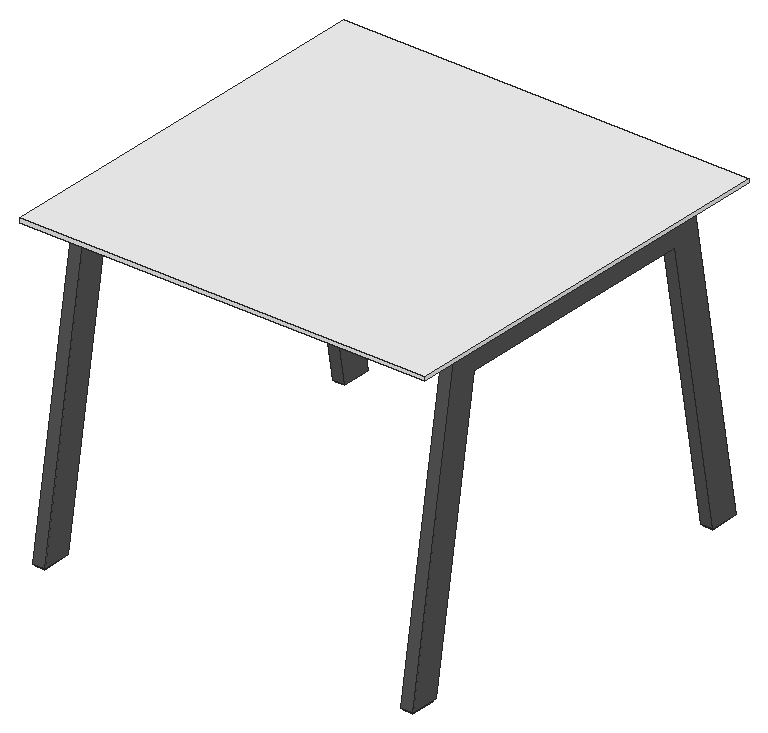
Revit family "FU_Table_Sandler_Salinero", category Furniture, Revit 2020
Family settings
  OmniClass Number = 23.40.20.00
  OmniClass Title = General Furniture and Specialties
  Work Plane-Based = No
  Always vertical = Yes
  Cut with Voids When Loaded = No
  Shared = No
  Room Calculation Point = No
Parameters (values of type "Salinero 8.1")
  Width = 1000 mm
  URL = "https://www.sandlerseating.com/product/salinero-8-1/"
  Top = HPL - Solid - White
  Right Leg Edge = 29.999 mm
  Num Cross Supports = 3
  Model = "Salinero 8.1"
  Manufacturer = "Sandler"
  Left Leg Edge = 29.999 mm
  Height = 760 mm
  Frame = Metal - Paint -AL VR - Matt Jet Black
  Description = "Conference table with steel legs, and  HPL solid laminate top."
  Depth = 1000 mm
  Default Elevation = 0 mm
Types (7, lengths in mm): name | Width | URL | Right Leg Edge | Num Cross Supports | Model | Left Leg Edge
  (no name) | 1000 | "https://www.sandlerseating.com/product/salinero-8-1/" | 29.999 | 3 | "Salinero 8.1" | 29.999
  Salinero 8.1 | 1000 | "https://www.sandlerseating.com/product/salinero-8-1/" | 29.999 | 3 | "Salinero 8.1" | 29.999
  Salinero 8.2 | 2000 | "https://www.sandlerseating.com/product/salinero-8-2/" | 29.999 | 4 | "Salinero 8.2" | 29.999
  Salinero 8.3 | 2400 | "https://www.sandlerseating.com/product/salinero-8-3/" | 29.999 | 4 | "Salinero 8.3" | 29.999
  Salinero 8.4 | 3000 | "https://www.sandlerseating.com/product/salinero-8-4/" | 29.999 | 4 | "Salinero 8.4" | 29.999
  Salinero 8.5 | 2600 | "https://www.sandlerseating.com/product/salinero-8-5/" | 335 | 3 | "Salinero 8.5" | 335
  Salinero 8.6 | 3000 | "https://www.sandlerseating.com/product/salinero-8-6/" | 335 | 4 | "Salinero 8.6" | 335
Reference planes
  plane 1 "Center (Front/Back)": y = 0
  plane 2: z = 0
  plane 3 "Center (Left/Right)": x = 0
  plane 4 "Right": x = -500
  plane 5 "Left": x = 500
  plane 6 "Back": y = 500
  plane 7 "Front": y = -500
  plane 8 "Height": z = 760
  plane 9 "Frame height": z = 750
  plane 10 "R Leg Outer": x = -470.001
  plane 11 "R Leg Inner": x = -440.001
  plane 12 "R Glide Outer": x = -466.001
  plane 13 "R Glide Inner": x = -444.001
  plane 14 "L Leg Inner": x = 440.001
  plane 15 "L Leg Outer": x = 470.001
  plane 16 "L Glide Inner": x = 444.001
  plane 17 "L Glide Outer": x = 466.001
  plane 18 "Front Support Outer": y = -285
  plane 19 "Front Support Inner": y = -255
  plane 20 "R Cross Support Inner": x = -410.004
  plane 21 "Back Support Inner": y = 255
  plane 22 "Back Support Outer": y = 285
  plane 23 "Center L/S": x = 410.004
  plane 24 "Cross Support Bottom": z = 684.651
  plane 25 "Glide Height": z = 4.923
Forms (mm)
  Extrusion 1, solid, material "HPL - Solid - White" <- "Top"
    sketch origin (0, 0, 750) x (-1, 0, 0) y (0, -1, 0)
      loop
        line (500, -500) -> (500, 500) -> (-500, 500) -> (-500, -500) -> (500, -500)
    from 0 to 10
  Extrusion 2, solid, material "Metal - Paint -AL VR - Matt Jet Black" <- "Frame"
    sketch origin (470.001, 0, 0) x (0, 1, 0) y (0, 0, 1)
      loop
        line (-500.195, 4.923) -> (-429.115, 4.923) -> (-310.781, 679.625) -> (0, 679.625) -> (310.781, 679.625) -> (429.115, 4.923) -> (500.195, 4.923) -> (369.518, 750) -> (0, 750) -> (-369.518, 750) -> (-500.195, 4.923)
    from 0 to -30
  Extrusion 3, solid, material "Metal - Paint -AL VR - Matt Jet Black" <- "Frame"
    sketch origin (-470.001, 0, 0) x (0, 1, 0) y (0, 0, -1)
      loop
        line (-500.195, -4.923) -> (-369.518, -750) -> (0, -750) -> (369.518, -750) -> (500.195, -4.923) -> (429.115, -4.923) -> (310.781, -679.625) -> (0, -679.625) -> (-310.781, -679.625) -> (-429.115, -4.923) -> (-500.195, -4.923)
    from 0 to -30
  Extrusion 4, solid, material "Plastic - Black"
    sketch origin (0, 0, 0) x (1, 0, 0) y (0, 1, 0)
      loop
        line (-466.001, -495.46) -> (-444.001, -495.46) -> (-444.001, -433.46) -> (-466.001, -433.46) -> (-466.001, -495.46)
    from 0 to 4.923
  Extrusion 5, solid, material "Plastic - Black"
    sketch origin (0, 0, 0) x (-1, 0, 0) y (0, -1, 0)
      loop
        line (-466.001, 495.46) -> (-466.001, 433.46) -> (-444.001, 433.46) -> (-444.001, 495.46) -> (-466.001, 495.46)
    from 0 to 4.923
  Extrusion 6, solid, material "Plastic - Black"
    sketch origin (0, 0, 0) x (1, 0, 0) y (0, 1, 0)
      loop
        line (-466.001, 495.46) -> (-466.001, 433.46) -> (-444.001, 433.46) -> (-444.001, 495.46) -> (-466.001, 495.46)
    from 0 to 4.923
  Extrusion 7, solid, material "Plastic - Black"
    sketch origin (0, 0, 0) x (-1, 0, 0) y (0, -1, 0)
      loop
        line (-466.001, -495.46) -> (-444.001, -495.46) -> (-444.001, -433.46) -> (-466.001, -433.46) -> (-466.001, -495.46)
    from 0 to 4.923
  Extrusion 8, solid, material "Metal - Paint -AL VR - Matt Jet Black" <- "Frame"
    sketch origin (0, 0, 750) x (-1, 0, 0) y (0, -1, 0)
      loop
        line (440.001, -285) -> (440.001, -255) -> (-440.001, -255) -> (-440.001, -285) -> (440.001, -285)
    from 0 to -65.349
  Extrusion 9, solid, material "Metal - Paint -AL VR - Matt Jet Black" <- "Frame"
    sketch origin (0, 0, 750) x (-1, 0, 0) y (0, -1, 0)
      loop
        line (440.001, 255) -> (440.001, 285) -> (-440.001, 285) -> (-440.001, 255) -> (440.001, 255)
    from 0 to -65.349
  Extrusion 10, solid, material "Metal - Paint -AL VR - Matt Jet Black" <- "Frame"
    sketch origin (0, 0, 750) x (-1, 0, 0) y (0, -1, 0)
      loop
        line (440.001, -255) -> (440.001, 255) -> (410.004, 255) -> (410.004, -255) -> (440.001, -255)
    from 0 to -65.349
  Extrusion 11, solid, material "Metal - Paint -AL VR - Matt Jet Black" <- "Frame"
    sketch origin (850.005, 0, 750) x (-1, 0, 0) y (0, -1, 0)
      loop
        line (440.001, -255) -> (440.001, 255) -> (410.004, 255) -> (410.004, -255) -> (440.001, -255)
    from 0 to -65.349
  Extrusion 12, solid, material "Metal - Paint -AL VR - Matt Jet Black" <- "Frame"
    sketch origin (425.002, 0, 750) x (-1, 0, 0) y (0, -1, 0)
      loop
        line (440.001, -255) -> (440.001, 255) -> (410.004, 255) -> (410.004, -255) -> (440.001, -255)
    from 0 to -65.349
Cuts and joins
  joined: Extrusion 2, Extrusion 3, Extrusion 8, Extrusion 9
Dimensions and locks
  equal spacing: plane 4 "Right", plane 3 "Center (Left/Right)", plane 5 "Left"
  "Width": plane 4 "Right" to plane 5 "Left"
  equal spacing: plane 6 "Back", plane 1 "Center (Front/Back)", plane 7 "Front"
  "Depth": plane 6 "Back" to plane 7 "Front"
  "Height": plane 8 "Height" to level
  plane 9 "Frame height" to level = 750 mm
  plane 10 "R Leg Outer" to plane 12 "R Glide Outer" to plane 13 "R Glide Inner" to plane 11 "R Leg Inner" to plane 20 "R Cross Support Inner" = 4 mm locked, 22 mm locked, 4 mm locked, 29.997 mm locked
  plane 23 "Center L/S" to plane 14 "L Leg Inner" to plane 16 "L Glide Inner" to plane 17 "L Glide Outer" to plane 15 "L Leg Outer" = 29.997 mm locked, 4 mm locked, 22 mm locked, 4 mm locked
  equal spacing: group 1, group 3, group 2  (x3)
  "Right Leg Edge": plane 4 "Right" to plane 10 "R Leg Outer"
  "Left Leg Edge": plane 15 "L Leg Outer" to plane 5 "Left"
  aligned and locked: level to plane 2
  aligned and locked: Extrusion 1 sketch curve to plane 6 "Back"
  aligned and locked: Extrusion 1 sketch curve to plane 4 "Right"
  aligned and locked: plane 7 "Front" to Extrusion 1 sketch curve
  aligned and locked: plane 5 "Left" to Extrusion 1 sketch curve
  aligned and locked: Extrusion 1 to plane 9 "Frame height"
  aligned and locked: plane 8 "Height" to Extrusion 1
  aligned and locked: Extrusion 2 to plane 15 "L Leg Outer"
  aligned and locked: Extrusion 2 to plane 14 "L Leg Inner"
  aligned and locked: Extrusion 3 to plane 10 "R Leg Outer"
  aligned and locked: plane 11 "R Leg Inner" to Extrusion 3
  aligned and locked: Extrusion 4 to level
  aligned and locked: Extrusion 4 to plane 25 "Glide Height"
  aligned and locked: plane 22 "Back Support Outer" to Extrusion 8 sketch curve
  aligned and locked: Extrusion 8 sketch curve to plane 21 "Back Support Inner"
  aligned and locked: Extrusion 8 sketch curve to plane 14 "L Leg Inner"
  aligned and locked: plane 11 "R Leg Inner" to Extrusion 8 sketch curve
  aligned and locked: plane 19 "Front Support Inner" to Extrusion 9 sketch curve
  aligned and locked: Extrusion 9 sketch curve to plane 18 "Front Support Outer"
  aligned and locked: Extrusion 9 sketch curve to plane 14 "L Leg Inner"
  aligned and locked: plane 11 "R Leg Inner" to Extrusion 9 sketch curve
  aligned and locked: plane 24 "Cross Support Bottom" to Extrusion 9
  aligned and locked: plane 24 "Cross Support Bottom" to Extrusion 8
  aligned and locked: plane 24 "Cross Support Bottom" to Extrusion 10
  aligned and locked: plane 14 "L Leg Inner" to Extrusion 11
  aligned and locked: plane 23 "Center L/S" to Extrusion 11
  aligned and locked: Extrusion 10 to plane 11 "R Leg Inner"
  aligned and locked: plane 20 "R Cross Support Inner" to Extrusion 10
Automatic sketch dimensions
  plane 25 "Glide Height" to Extrusion 2 sketch curve = 0 mm  (x2)
  Extrusion 2 sketch curve to plane 9 "Frame height" = 0 mm
  Extrusion 2 sketch curve to plane 1 "Center (Front/Back)" = 0 mm  (x2)
  plane 24 "Cross Support Bottom" to Extrusion 2 sketch curve = 5.027 mm
  plane 18 "Front Support Outer" to Extrusion 2 sketch curve = 25.781 mm
  plane 18 "Front Support Outer" to Extrusion 2 sketch curve = 84.518 mm
  plane 7 "Front" to Extrusion 2 sketch curve = 70.885 mm
  Extrusion 2 sketch curve to plane 7 "Front" = 0.195 mm
  Extrusion 2 sketch curve to plane 22 "Back Support Outer" = 25.781 mm
  Extrusion 2 sketch curve to plane 22 "Back Support Outer" = 84.518 mm
  Extrusion 2 sketch curve to plane 6 "Back" = 70.885 mm
  plane 6 "Back" to Extrusion 2 sketch curve = 0.195 mm
  plane 25 "Glide Height" to Extrusion 3 sketch curve = 0 mm  (x2)
  Extrusion 3 sketch curve to plane 9 "Frame height" = 0 mm
  Extrusion 3 sketch curve to plane 1 "Center (Front/Back)" = 0 mm  (x2)
  plane 24 "Cross Support Bottom" to Extrusion 3 sketch curve = 5.027 mm
  plane 18 "Front Support Outer" to Extrusion 3 sketch curve = 25.781 mm
  plane 18 "Front Support Outer" to Extrusion 3 sketch curve = 84.518 mm
  plane 7 "Front" to Extrusion 3 sketch curve = 70.885 mm
  Extrusion 3 sketch curve to plane 7 "Front" = 0.195 mm
  Extrusion 3 sketch curve to plane 22 "Back Support Outer" = 25.781 mm
  Extrusion 3 sketch curve to plane 22 "Back Support Outer" = 84.518 mm
  Extrusion 3 sketch curve to plane 6 "Back" = 70.885 mm
  plane 6 "Back" to Extrusion 3 sketch curve = 0.195 mm
  Extrusion 4 sketch curve to plane 12 "R Glide Outer" = 0 mm
  Extrusion 4 sketch curve to plane 13 "R Glide Inner" = 0 mm
  plane 7 "Front" to Extrusion 4 sketch curve = 4.54 mm
  Extrusion 4 sketch curve to Extrusion 4 sketch curve = 62 mm
  Extrusion 5 sketch curve to plane 17 "L Glide Outer" = 0 mm
  Extrusion 5 sketch curve to plane 16 "L Glide Inner" = 0 mm
  Extrusion 5 sketch curve to plane 7 "Front" = 4.54 mm
  Extrusion 5 sketch curve to Extrusion 5 sketch curve = 62 mm
  Extrusion 6 sketch curve to plane 12 "R Glide Outer" = 0 mm
  Extrusion 6 sketch curve to plane 13 "R Glide Inner" = 0 mm
  plane 6 "Back" to Extrusion 6 sketch curve = 4.54 mm
  Extrusion 6 sketch curve to Extrusion 6 sketch curve = 62 mm
  plane 17 "L Glide Outer" to Extrusion 7 sketch curve = 0 mm
  plane 16 "L Glide Inner" to Extrusion 7 sketch curve = 0 mm
  Extrusion 7 sketch curve to plane 6 "Back" = 4.54 mm
  Extrusion 7 sketch curve to Extrusion 7 sketch curve = 62 mm
  Extrusion 10 sketch curve to Extrusion 10 sketch curve = 29.997 mm
  Extrusion 10 sketch curve to Extrusion 10 sketch curve = 510 mm
  Extrusion 11 sketch curve to Extrusion 11 sketch curve = 29.997 mm
  Extrusion 11 sketch curve to Extrusion 11 sketch curve = 510 mm
  Extrusion 12 sketch curve to Extrusion 12 sketch curve = 29.997 mm
  Extrusion 12 sketch curve to Extrusion 12 sketch curve = 510 mm
